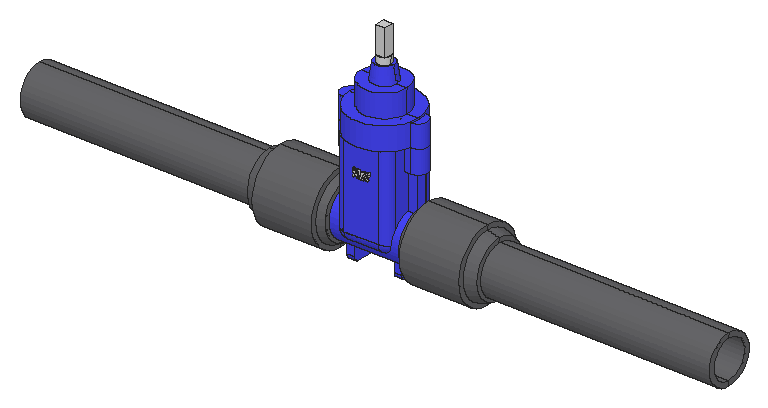
Revit family "36-8X-116 DN25-50", category Pipe Accessories, Revit 2022
Family settings
  Round Connector Dimension = Use Diameter
  Part Type = Valve - Breaks Into
  Work Plane-Based = No
  Always vertical = Yes
  Cut with Voids When Loaded = No
  Shared = No
Parameters (values of type "DN050_PN16")
  bonnet_W = size_lookup(Search_table, "bonnet_W", 0 mm, DN)  # 90 mm
  bonnet_L = size_lookup(Search_table, "bonnet_L", 0 mm, DN)  # 125 mm
  W = bonnet_W / 2  # 45 mm
  URL_product_pages = "https://www.avkvalves.com/P.aspx?no=360328016306499"
  Thickness = Body_T * 0.35  # 10.5 mm
  Search_table = "36-8X-116 DN25-50"
  Rib_L = Body_L1 * 0.75  # 35.888 mm
  L3 = L1 * 1.05  # 315 mm
  L2 = L1 * 0.08  # 24 mm
  L1 = size_lookup(Search_table, "L1", 0 mm, DN)  # 300 mm
  L = size_lookup(Search_table, "L", 0 mm, DN) / 2  # 450 mm
  H3-H = H3 - H  # 47 mm
  F6 = Body_L * 1.01  # 43.935 mm
  F5 = F4 * 1.9  # 29.925 mm
  F4 = F3 * 1.25  # 15.75 mm
  F3 = F1 * 1.4  # 12.6 mm
  F22 = F2 * 0.23  # 8.05 mm
  F2 = size_lookup(Search_table, "F2", 0 mm, DN)  # 35 mm
  F11 = F1 * 1.2  # 10.8 mm
  F1 = size_lookup(Search_table, "F1", 0 mm, DN) / 2  # 9 mm
  F = size_lookup(Search_table, "F", 0 mm, DN) / 2  # 6 mm
  Description_ = "AVK SERVICE CONNECTION VALVE, DI, PN16"
  Default Elevation = 0 mm
  DN025_PN16 = "36-032-80-16306499"
  DN050_PN16 = "36-063-80-163"
  DN040_PN16 = "36-050-80-163"
  DN032_PN16 = "36-040-80-16306499\r\n 36-040-80-16306499\r\n  36-040-80-16306499"
  DN = 50 mm
  H3 = size_lookup(Search_table, "H3", 0 mm, DN)  # 281 mm
  D2 = D * 1.3  # 40.95 mm
  D1 = D * 1.15  # 36.225 mm
  D = size_lookup(Search_table, "D", 0 mm, DN) / 2  # 31.5 mm
  H = size_lookup(Search_table, "H", 0 mm, DN)  # 234 mm
  Connection_D = size_lookup(Search_table, "Connection_D", 0 mm, DN) / 2  # 32.5 mm
  CD_L = size_lookup(Search_table, "CD_L", 0 mm, DN)  # 55 mm
  CD_H = D * 1.75  # 55.125 mm
  Bore = DN / 2  # 25 mm
  Bonnet_R = size_lookup(Search_table, "Bonnet_R", 0 mm, DN)  # 12.5 mm
  Body_rib1 = Body_L * 1.1  # 47.85 mm
  Body_W = size_lookup(Search_table, "Body_W", 0 mm, DN) / 2  # 37.5 mm
  Body_T = size_lookup(Search_table, "Body_T", 0 mm, DN)  # 30 mm
  Body_Rib_L = D / 2  # 15.75 mm
  Body_L2 = Body_L1 * 1.2  # 57.42 mm
  Body_L1 = Body_L * 1.1  # 47.85 mm
  Body_L = size_lookup(Search_table, "Body_L", 0 mm, DN) / 2  # 43.5 mm
  Body_H = size_lookup(Search_table, "Body_H", 0 mm, DN) * 1.1  # 110 mm
  Body_L3 = Body_L * 0.8  # 34.8 mm
  7.5 = 7.5 mm  # constant formula
  6 = 6 mm  # constant formula
  15 = 15 mm  # constant formula
  10 = 10 mm  # constant formula
  1 = 1 mm  # constant formula
  0 = 0 mm  # constant formula
Types (5, lengths in mm): name | bonnet_W | bonnet_L | W | Thickness | Rib_L | L | H3-H | F6 | DN | H3 | D2 | D1 | D | H | Connection_D | CD_L | CD_H | Bore | Body_rib1 | Body_W | Body_T | Body_Rib_L | Body_L2 | Body_L1 | Body_L | Body_H | Body_L3
  (no name) | 90 | 125 | 45 | 10.5 | 35.888 | 450 | 47 | 43.935 | 50 | 281 | 40.95 | 36.225 | 31.5 | 234 | 32.5 | 55 | 55.125 | 25 | 47.85 | 37.5 | 30 | 15.75 | 57.42 | 47.85 | 43.5 | 110 | 34.8
  DN025_PN16 | 71 | 102 | 35.5 | 7 | 25.163 | 400 | 27 | 30.805 | 25 | 190 | 20.8 | 18.4 | 16 | 163 | 22.25 | 38 | 28 | 12.5 | 33.55 | 25.5 | 20 | 8 | 40.26 | 33.55 | 30.5 | 56.1 | 24.4
  DN032_PN16 | 71 | 102 | 35.5 | 7 | 25.163 | 425 | 33 | 30.805 | 32 | 209 | 26 | 23 | 20 | 176 | 28.5 | 38 | 35 | 16 | 33.55 | 25.5 | 20 | 10 | 40.26 | 33.55 | 30.5 | 69.3 | 24.4
  DN040_PN16 | 90 | 125 | 45 | 10.15 | 35.888 | 425 | 36 | 43.935 | 40 | 260 | 32.5 | 28.75 | 25 | 224 | 30 | 45 | 43.75 | 20 | 47.85 | 37.5 | 29 | 12.5 | 57.42 | 47.85 | 43.5 | 99 | 34.8
  DN050_PN16 | 90 | 125 | 45 | 10.5 | 35.888 | 450 | 47 | 43.935 | 50 | 281 | 40.95 | 36.225 | 31.5 | 234 | 32.5 | 55 | 55.125 | 25 | 47.85 | 37.5 | 30 | 15.75 | 57.42 | 47.85 | 43.5 | 110 | 34.8
Reference planes
  plane 1 "Center (Front/Back)": y = 0
  plane 2: z = 0
  plane 3 "Center (Left/Right)": x = 0
  plane 4: z = 25
  plane 5: z = -25
  plane 6: x = -450
  plane 7: x = 450
  plane 8: y = -31.5
  plane 9: y = 31.5
  plane 10: z = 31.5
  plane 11: z = -31.5
  plane 12: x = -150
  plane 13: x = 150
  plane 14: z = -47
  plane 15: x = -35.887
  plane 16: x = 35.888
  plane 17: z = 110
  plane 18: z = 140
  plane 19: z = 234
  plane 20: x = -6
  plane 21: x = 6
  plane 22: x = -9
  plane 23: x = 9
  plane 24: z = 199
  plane 25: y = 45
  plane 26: y = -45
  plane 27: z = 190.95
Forms (mm)
  Revolve 1, solid, material "Aluminum 1100-O"
    sketch origin (0, 0, 0) x (1, 0, 0) y (0, 0, 1)
      loop
        line (-450, 31.5) -> (-450, 25) -> (-150, 25) -> (-150, 31.5) -> (-450, 31.5)
      loop
        line (450, 31.5) -> (150, 31.5) -> (150, 25) -> (450, 25) -> (450, 31.5)
      axis (-450, 0) -> (450, 0)
    angle from 0 to 360
  Revolve 2, solid
    sketch origin (0, 0, 0) x (1, 0, 0) y (0, 0, 1)
      loop
        line (-150, 25) -> (-126, 25) -> (-126, 36.225) -> (-150, 31.5) -> (-150, 25)
      loop
        line (150, 25) -> (150, 31.5) -> (126, 36.225) -> (126, 25) -> (150, 25)
      axis (150, 0) -> (-150, 0)
    angle from 0 to 360
  Revolve 3, solid, material "Aluminum 1100-O"
    sketch origin (0, 0, 0) x (1, 0, 0) y (0, 0, 1)
      loop
        line (-150, 25) -> (-47.85, 25) -> (-47.85, 36.225) -> (-57.42, 40.95) -> (-57.42, 47) -> (-135, 47) -> (-135, 40.95) -> (-150, 36.225) -> (-150, 25)
      loop
        line (150, 25) -> (150, 36.225) -> (135, 40.95) -> (135, 47) -> (57.42, 47) -> (57.42, 40.95) -> (47.85, 36.225) -> (47.85, 25) -> (150, 25)
      axis (-150, 0) -> (150, 0)
    angle from 0 to 360
  Revolve 4, solid, material "Laminate, Blue, Matte"
    sketch origin (0, 0, 0) x (1, 0, 0) y (0, 0, 1)
      loop
        line (-88.35, 31.5) -> (-88.35, 25) -> (88.35, 25) -> (88.35, 31.5) -> (-88.35, 31.5)
      axis (-88.35, 0) -> (88.35, 0)
    angle from 0 to 360
  Extrusion 5, solid, material "Laminate, Blue, Matte"
    sketch origin (-35.887, -1524, 129.627) x (0, 0, 1) y (0, -1, 0)
      loop
        line (-129.627, -1508.25) -> (-170.627, -1508.25)
        arc (-170.627, -1508.25) -> (-174.869, -1510.007) -> (-176.627, -1514.25) r 6
        line (-176.627, -1514.25) -> (-176.627, -1533.75)
        arc (-176.627, -1533.75) -> (-174.869, -1537.993) -> (-170.627, -1539.75) r 6
        line (-170.627, -1539.75) -> (-129.627, -1539.75) -> (-129.627, -1508.25)
    from 0 to 10
  Extrusion 6, solid, material "Laminate, Blue, Matte"
    sketch origin (0, 0, 0) x (0, 1, 0) y (0, 0, 1)
      loop
        line (15.75, 0) -> (-15.75, 0) -> (-15.75, -41)
        arc (-15.75, -41) -> (-13.993, -45.243) -> (-9.75, -47) r 6
        line (-9.75, -47) -> (9.75, -47)
        arc (9.75, -47) -> (13.993, -45.243) -> (15.75, -41) r 6
        line (15.75, -41) -> (15.75, 0)
    from 25.888 to 35.888
  Extrusion 7, solid, material "Laminate, Blue, Matte"
    sketch origin (0, 0, 0) x (1, 0, 0) y (0, 1, 0)
      loop
        arc (-22.3, 37.5) -> (-31.139, 33.839) -> (-34.8, 25) r 12.5
        line (-34.8, 25) -> (-34.8, -25)
        arc (-34.8, -25) -> (-31.139, -33.839) -> (-22.3, -37.5) r 12.5
        line (-22.3, -37.5) -> (22.3, -37.5)
        arc (22.3, -37.5) -> (31.139, -33.839) -> (34.8, -25) r 12.5
        line (34.8, -25) -> (34.8, 25)
        arc (34.8, 25) -> (31.139, 33.839) -> (22.3, 37.5) r 12.5
        line (22.3, 37.5) -> (-22.3, 37.5)
    from 0 to 110
  Revolve 8, solid, material "Laminate, Blue, Matte"
    sketch origin (0, 0, 0) x (1, 0, 0) y (0, 0, 1)
      loop
        line (0, 110) -> (45, 110) -> (45, 140) -> (29.925, 140) -> (29.925, 170) -> (15.75, 170) -> (12.6, 190.95) -> (0, 190.95) -> (0, 110)
      axis (0, 190.95) -> (0, 110)
    angle from 0 to 360
  Revolve 9, solid, material "Laminate, Blue, Matte"
    sketch origin (0, 0, 0) x (1, 0, 0) y (0, 1, 0)
      loop
        line (22.3, 37.5) -> (-22.3, 37.5)
        arc (-22.3, 37.5) -> (-31.139, 33.839) -> (-34.8, 25) r 12.5
        line (-34.8, 25) -> (34.8, 25)
        arc (34.8, 25) -> (31.139, 33.839) -> (22.3, 37.5) r 12.5
      axis (-34.8, 25) -> (34.8, 25)
    angle from 0 to 360
  Extrusion 10, solid, material "Laminate, Blue, Matte"
    sketch origin (0, 0, 0) x (1, 0, 0) y (0, 0, 1)
      loop
        line (-47.85, 80) -> (-47.85, 25) -> (47.85, 25) -> (47.85, 80) -> (-47.85, 80)
    from -6 to 6
  Revolve 11, solid, material "Laminate, Blue, Matte"
    sketch origin (0, 0, 0) x (1, 0, 0) y (0, 1, 0)
      loop
        line (-22.3, -37.5) -> (22.3, -37.5)
        arc (22.3, -37.5) -> (31.139, -33.839) -> (34.8, -25) r 12.5
        line (34.8, -25) -> (-34.8, -25)
        arc (-34.8, -25) -> (-31.139, -33.839) -> (-22.3, -37.5) r 12.5
      axis (-34.8, -25) -> (34.8, -25)
    angle from 0 to 360
  Extrusion 12, solid, material "Laminate, Blue, Matte"
    sketch origin (-665.138, -1524, 110) x (-1, 0, 0) y (0, -1, 0)
      loop
        arc (-621.203, -1536.5) -> (-608.703, -1524) -> (-621.203, -1511.5) r 12.5
        line (-621.203, -1511.5) -> (-709.073, -1511.5)
        arc (-709.073, -1511.5) -> (-721.573, -1524) -> (-709.073, -1536.5) r 12.5
        line (-709.073, -1536.5) -> (-621.203, -1536.5)
    from 0 to -30
  Extrusion 13, solid, material "Laminate, Blue, Matte"
    sketch origin (-665.138, -1524, 110) x (-1, 0, 0) y (0, -1, 0)
      loop
        arc (-621.203, -1536.5) -> (-608.703, -1524) -> (-621.203, -1511.5) r 12.5
        line (-621.203, -1511.5) -> (-709.073, -1511.5)
        arc (-709.073, -1511.5) -> (-721.573, -1524) -> (-709.073, -1536.5) r 12.5
        line (-709.073, -1536.5) -> (-621.203, -1536.5)
    from 0 to 29
  Extrusion 14, solid
    sketch origin (0, 0, 0) x (0, 1, 0) y (0, 0, 1)
      loop
        circle (0, 0) r 25
    from -34.8 to 34.8
  Extrusion 15, solid, material "Stainless Steel AISI 304"
    sketch origin (-217.436, -1524, 199) x (-1, 0, 0) y (0, -1, 0)
      loop
        circle (-217.436, -1524) r 9
    from -8.05 to 0
  Extrusion 16, solid, material "Stainless Steel AISI 304"
    sketch origin (-217.436, -1524, 199) x (-1, 0, 0) y (0, -1, 0)
      loop
        line (-211.436, -1530) -> (-211.436, -1518) -> (-223.436, -1518) -> (-223.436, -1530) -> (-211.436, -1530)
    from 0 to 35
  Extrusion 17, solid, material "Aluminum 1100-O"
    sketch origin (0, 0, 0) x (0, 1, 0) y (0, 0, 1)
      loop
        circle (0, 0) r 25
    from -47.85 to 47.85
Dimensions and locks
  equal spacing: plane 4, level, plane 5
  "Bore": plane 4 to level
  equal spacing: plane 7, plane 3 "Center (Left/Right)", plane 6
  "L": plane 3 "Center (Left/Right)" to plane 6
  equal spacing: plane 9, plane 1 "Center (Front/Back)", plane 8
  "D": plane 9 to plane 1 "Center (Front/Back)"
  equal spacing: plane 10, level, plane 11
  "D": plane 10 to level
  equal spacing: Revolve 1 sketch curve, plane 3 "Center (Left/Right)", Revolve 1 sketch curve
  equal spacing: plane 13, plane 3 "Center (Left/Right)", plane 12
  equal spacing: Revolve 2 sketch curve, plane 3 "Center (Left/Right)", Revolve 2 sketch curve
  "D1": Revolve 2 sketch curve to level  (x2)
  "L2": Revolve 2 sketch curve to plane 12
  equal spacing: Revolve 3 sketch curve, plane 3 "Center (Left/Right)", Revolve 3 sketch curve  (x3)
  "D2": Revolve 3 sketch curve to level  (x4)
  "D1": Revolve 3 sketch curve to level  (x4)
  "H3-H": Revolve 3 sketch curve to level
  plane 3 "Center (Left/Right)" to Revolve 4 sketch curve = 88.35 mm
  equal spacing: Revolve 4 sketch curve, plane 3 "Center (Left/Right)", Revolve 4 sketch curve
  "Body_L1": plane 3 "Center (Left/Right)" to Revolve 3 sketch curve
  "L1": Revolve 3 sketch curve to plane 6
  "L1": plane 7 to Revolve 3 sketch curve
  "L1": plane 12 to plane 6
  "L3": Revolve 3 sketch curve to plane 6
  "Body_L2": plane 3 "Center (Left/Right)" to Revolve 3 sketch curve
  "H3-H": level to plane 14
  equal spacing: plane 16, plane 3 "Center (Left/Right)", plane 15
  "Rib_L": plane 16 to plane 3 "Center (Left/Right)"
  equal spacing: Extrusion 5 sketch curve, plane 1 "Center (Front/Back)", Extrusion 5 sketch curve
  "Body_Rib_L": Extrusion 5 sketch curve to plane 1 "Center (Front/Back)"
  "H3-H": level to Extrusion 5 sketch curve
  "10": Extrusion 5 to plane 15
  equal spacing: Extrusion 6 sketch curve, plane 1 "Center (Front/Back)", Extrusion 6 sketch curve
  "Body_Rib_L": plane 1 "Center (Front/Back)" to Extrusion 6 sketch curve
  equal spacing: Extrusion 6, plane 3 "Center (Left/Right)", Extrusion 5
  equal spacing: Extrusion 7 sketch curve, plane 3 "Center (Left/Right)", Extrusion 7 sketch curve
  equal spacing: Extrusion 7 sketch curve, plane 1 "Center (Front/Back)", Extrusion 7 sketch curve
  "Body_L3": Extrusion 7 sketch curve to plane 3 "Center (Left/Right)"
  "Body_W": plane 1 "Center (Front/Back)" to Extrusion 7 sketch curve
  "Body_H": plane 17 to level
  "Body_T": plane 18 to plane 17
  equal spacing: plane 21, plane 3 "Center (Left/Right)", plane 20
  "F": plane 3 "Center (Left/Right)" to plane 20
  equal spacing: plane 23, plane 3 "Center (Left/Right)", plane 22
  "F1": plane 3 "Center (Left/Right)" to plane 22
  "H": plane 19 to level
  "F4": Revolve 8 sketch curve to plane 3 "Center (Left/Right)"
  "W": Revolve 8 sketch curve to plane 3 "Center (Left/Right)"
  "Body_T": Revolve 8 sketch curve to plane 18
  "F5": Revolve 8 sketch curve to plane 3 "Center (Left/Right)"
  "Body_T": plane 17 to Extrusion 10 sketch curve
  equal spacing: Extrusion 10 sketch curve, plane 3 "Center (Left/Right)", Extrusion 10 sketch curve
  "Body_rib1": plane 3 "Center (Left/Right)" to Extrusion 10 sketch curve
  equal spacing: Extrusion 10, plane 1 "Center (Front/Back)", Extrusion 10
  "6": Extrusion 10 to plane 1 "Center (Front/Back)"
  "Body_T": plane 17 to Extrusion 12
  equal spacing: Extrusion 12 sketch curve, plane 1 "Center (Front/Back)", Extrusion 12 sketch curve
  "F6": plane 3 "Center (Left/Right)" to Extrusion 12 sketch curve
  equal spacing: Extrusion 12 sketch curve, plane 3 "Center (Left/Right)", Extrusion 12 sketch curve
  equal spacing: Extrusion 13 sketch curve, plane 3 "Center (Left/Right)", Extrusion 13 sketch curve
  equal spacing: Extrusion 13 sketch curve, plane 1 "Center (Front/Back)", Extrusion 13 sketch curve
  "F6": Extrusion 13 sketch curve to plane 3 "Center (Left/Right)"
  "1": plane 18 to Extrusion 13
  "Body_T": plane 17 to nested 1
  equal spacing: Extrusion 14 sketch curve, level, Extrusion 14 sketch curve
  equal spacing: Extrusion 14 sketch curve, plane 1 "Center (Front/Back)", Extrusion 14 sketch curve
  equal spacing: Extrusion 14, plane 3 "Center (Left/Right)", Extrusion 14
  "Body_L3": plane 3 "Center (Left/Right)" to Extrusion 14
  plane 7 to plane 6 = 900 mm
  plane 10 to plane 11 = 63 mm  (x2)
  plane 19 to level = 234 mm
  plane 19 to plane 14 = 281 mm
  plane 23 to plane 22 = 18 mm
  plane 21 to plane 20 = 12 mm
  equal spacing: plane 25, plane 1 "Center (Front/Back)", plane 26
  "bonnet_W": plane 25 to plane 26
  plane 25 to plane 26 = 90 mm
  "F22": plane 27 to plane 24
  "F2": plane 24 to plane 19
  "F3": Revolve 8 sketch curve to plane 3 "Center (Left/Right)"
  equal spacing: Extrusion 15 sketch curve, plane 3 "Center (Left/Right)", Extrusion 15 sketch curve
  equal spacing: Extrusion 15 sketch curve, plane 1 "Center (Front/Back)", Extrusion 15 sketch curve
  equal spacing: Extrusion 16 sketch curve, plane 3 "Center (Left/Right)", Extrusion 16 sketch curve
  equal spacing: Extrusion 16 sketch curve, plane 1 "Center (Front/Back)", Extrusion 16 sketch curve
  "F": Extrusion 16 sketch curve to plane 3 "Center (Left/Right)"
  "F": plane 1 "Center (Front/Back)" to Extrusion 16 sketch curve
  equal spacing: Extrusion 17, plane 3 "Center (Left/Right)", Extrusion 17
  "6": radius of Extrusion 5 sketch curve  (x2)
  "6": radius of Extrusion 6 sketch curve  (x2)
  "Bonnet_R": radius of Extrusion 7 sketch curve  (x4)
  "Bonnet_R": radius of Extrusion 12 sketch curve  (x2)
  "Bonnet_R": radius of Extrusion 13 sketch curve
  "Bore": radius of Extrusion 14 sketch curve
  "F1": radius of Extrusion 15 sketch curve
  aligned and locked: level to plane 2
  aligned and locked: plane 6 to Revolve 1 sketch curve
  aligned and locked: plane 4 to Revolve 1 sketch curve
  aligned and locked: Revolve 1 sketch curve to plane 10
  aligned and locked: Revolve 1 sketch curve to plane 4
  aligned and locked: plane 7 to Revolve 1 sketch curve
  aligned and locked: plane 10 to Revolve 1 sketch curve
  aligned and locked: Revolve 1 sketch curve to level
  aligned and locked: Revolve 1 to plane 12
  aligned and locked: plane 12 to Revolve 2 sketch curve
  aligned and locked: plane 4 to Revolve 2 sketch curve
  aligned and locked: Revolve 2 sketch curve to plane 4
  aligned and locked: plane 13 to Revolve 2 sketch curve
  aligned and locked: Revolve 2 sketch curve to level
  aligned and locked: Revolve 3 sketch curve to Revolve 3 sketch curve
  aligned and locked: Revolve 3 sketch curve to level
  aligned and locked: plane 4 to Revolve 4 sketch curve
  aligned and locked: Revolve 4 sketch curve to plane 10
  aligned and locked: Revolve 4 sketch curve to level
  aligned and locked: Extrusion 5 to plane 15
  aligned and locked: Extrusion 5 sketch curve to level
  aligned and locked: plane 14 to Extrusion 6 sketch curve
  aligned and locked: Extrusion 6 sketch curve to level
  aligned and locked: plane 16 to Extrusion 6
  aligned and locked: Extrusion 7 to level
  aligned and locked: plane 17 to Extrusion 7
  aligned and locked: Revolve 8 sketch curve to plane 3 "Center (Left/Right)"
  aligned and locked: Revolve 9 sketch curve to Extrusion 7  (x2)
  aligned and locked: Revolve 9 sketch curve to Revolve 9 sketch curve
  aligned and locked: plane 4 to Extrusion 10 sketch curve
  aligned and locked: Revolve 11 sketch curve to Extrusion 7  (x2)
  aligned and locked: Revolve 11 sketch curve to Revolve 11 sketch curve
  aligned and locked: plane 17 to Extrusion 12
  aligned and locked: Extrusion 13 to plane 17
  aligned and locked: plane 3 "Center (Left/Right)" to nested 1
  aligned and locked: Revolve 8 sketch curve to plane 27
  aligned and locked: Extrusion 15 to Revolve 8
  aligned and locked: plane 24 to Extrusion 15
  aligned and locked: Extrusion 16 to plane 24
  aligned and locked: plane 19 to Extrusion 16
  aligned and locked: Extrusion 17 sketch curve to Revolve 1
  aligned and locked: Revolve 3 to Extrusion 17
Automatic sketch dimensions
  Revolve 1 sketch curve to plane 12 = 0 mm
  plane 12 to Revolve 1 sketch curve = 40.128 mm
  Revolve 1 sketch curve to plane 15 = 4.709 mm
  plane 12 to Revolve 4 sketch curve = 5.283 mm
  Revolve 4 sketch curve to Revolve 4 sketch curve = 23.633 mm
  Revolve 9 sketch curve to Revolve 9 sketch curve = 2.192 mm
  Revolve 9 sketch curve to Revolve 9 sketch curve = 1.963 mm
  Revolve 11 sketch curve to Revolve 11 sketch curve = 4.921 mm
  Revolve 11 sketch curve to Revolve 11 sketch curve = 0.136 mm
  Extrusion 17 sketch curve to plane 1 "Center (Front/Back)" = 0 mm  (x2)
  Revolve 2 sketch curve to plane 10 = 0 mm  (x2)
  Revolve 2 sketch curve to plane 15 = 2.917 mm
  plane 20 to Revolve 2 sketch curve = 2.195 mm
  Revolve 3 sketch curve to plane 4 = 0 mm  (x2)
  plane 12 to Revolve 3 sketch curve = 13.923 mm
  Revolve 3 sketch curve to plane 15 = 5.463 mm
  Revolve 8 sketch curve to plane 3 "Center (Left/Right)" = 0 mm
  Revolve 8 sketch curve to plane 17 = 0 mm
  Revolve 8 sketch curve to plane 18 = 0 mm
  Revolve 8 sketch curve to plane 27 = 16.293 mm
  plane 24 to Revolve 8 sketch curve = 1.841 mm
Nested families
  nested 1: "Avk logo smaller one" at (0, -37.5, 75) x (1, 0, 0) z (0, -1, 0), type "Avk logo smaller one"
Connectors
  piping at (-450, 0, 0), diameter 50, driven by "DN"
    settings: on Revolve 1, index 2, connector inside diameter 609.6 mm, connector length 0 mm, flow factor 0, pipe flow 0.0 L/s, pressure drop 0.0 Pa, fitting loss kfactor 0, connector angle 0.00°, fixture units 0, engagement length 0 mm, angle of deflection 0.00°, flow configuration 0, flow direction 0, fitting loss method 0, system type 7, joint type 0, gender type 0, connector reference index -1, connector utility 0, adjustable connector no, is connector primary yes, connector description ""
  piping at (450, 0, 0), diameter 50, driven by "DN"
    settings: on Revolve 1, index 3, connector inside diameter 609.6 mm, connector length 0 mm, flow factor 0, pipe flow 0.0 L/s, pressure drop 0.0 Pa, fitting loss kfactor 0, connector angle 0.00°, fixture units 0, engagement length 0 mm, angle of deflection 0.00°, flow configuration 0, flow direction 0, fitting loss method 0, system type 7, joint type 0, gender type 0, connector reference index -1, connector utility 0, adjustable connector no, is connector primary no, connector description ""
Definition of nested family "Avk logo smaller one"
  Parameters (values of type "Avk logo smaller one")
    Default Elevation = 10 mm  # constant formula
    5 = 5 mm  # constant formula
    10 = 10 mm  # constant formula
    1 = 1 mm  # constant formula
  Reference planes
    plane 1 "Center (Front/Back)": y = 0
    plane 2: z = 0
    plane 3 "Center (Left/Right)": x = 0
    plane 4: z = -5
    plane 5: y = 5
    plane 6: x = 10
    plane 7: x = -10
    plane 8: y = -5
  Forms (mm)
    Extrusion 1, solid
      sketch origin (0, 0, 0) x (1, 0, 0) y (0, 1, 0)
        loop
          line (-26.697, 30) -> (-26.697, -20.859) -> (26.519, -20.859) -> (26.519, 30) -> (-26.697, 30)
      from 0 to -13.628
    Extrusion 2, solid
      sketch origin (0.726, 0, 0) x (1, 0, 0) y (0, 1, 0)
        loop
          line (-10.726, 5) -> (-10.726, 3.049) -> (-4.87, 3.049) -> (-1.624, -5) -> (0.402, -5) -> (3.491, 3.049) -> (9.911, 3.049) -> (9.911, 5) -> (1.941, 5) -> (-0.627, -1.891) -> (-3.272, 5) -> (-10.726, 5)
        loop
          line (-10.726, 2.311) -> (-10.726, 0.229) -> (-8.927, 0.229) -> (-10.658, -5) -> (-8.613, -5) -> (-8.045, -3.593) -> (-5.189, -3.593) -> (-4.46, -5) -> (-2.401, -5) -> (-5.284, 2.311) -> (-10.726, 2.311)
        loop
          line (-7.637, -1.797) -> (-5.952, -1.797) -> (-6.807, 0.432) -> (-7.637, -1.797)
        loop
          line (1.381, -5) -> (3.416, -5) -> (4.458, -2.017) -> (6.333, -5) -> (8.907, -5) -> (6.715, -1.581)
          arc (6.715, -1.581) -> (8.018, -0.944) -> (8.873, 0.229) r 3.014
          line (8.873, 0.229) -> (9.911, 0.229) -> (9.911, 2.311) -> (7.594, 2.311)
          arc (7.594, 2.311) -> (6.805, 0.579) -> (5.137, -0.337) r 3.018
          line (5.137, -0.337) -> (6.207, 2.311) -> (4.172, 2.311) -> (1.381, -5)
      from 0 to 2
  Dimensions and locks
    "5": level to plane 4
    equal spacing: plane 8, plane 1 "Center (Front/Back)", plane 5
    equal spacing: plane 7, plane 3 "Center (Left/Right)", plane 6
    "5": plane 1 "Center (Front/Back)" to plane 5
    "10": plane 7 to plane 3 "Center (Left/Right)"
    aligned and locked: plane 2 to Extrusion 1
    aligned and locked: level to Extrusion 1
    aligned and locked: Extrusion 2 sketch curve to Extrusion 2 sketch curve  (x10)
    aligned and locked: Extrusion 2 to plane 8
    aligned and locked: plane 5 to Extrusion 2
    aligned and locked: Extrusion 2 to plane 7
  Automatic sketch dimensions
    Extrusion 1 sketch curve to Extrusion 1 sketch curve = 53.215 mm
    Extrusion 1 sketch curve to Extrusion 1 sketch curve = 50.859 mm
    Extrusion 2 sketch curve to plane 5 = 0 mm
    Extrusion 2 sketch curve to plane 7 = 0 mm
    Extrusion 2 sketch curve to plane 8 = 0 mm
    plane 7 to Extrusion 2 sketch curve = 0.068 mm
    Extrusion 2 sketch curve to plane 1 "Center (Front/Back)" = 0.229 mm  (x2)
    plane 7 to Extrusion 2 sketch curve = 1.798 mm
    Extrusion 2 sketch curve to Extrusion 2 sketch curve = 2.044 mm
    Extrusion 2 sketch curve to Extrusion 2 sketch curve = 0.569 mm
    Extrusion 2 sketch curve to Extrusion 2 sketch curve = 0.407 mm
    Extrusion 2 sketch curve to plane 1 "Center (Front/Back)" = 0.432 mm
    Extrusion 2 sketch curve to Extrusion 2 sketch curve = 2.12 mm
    plane 1 "Center (Front/Back)" to Extrusion 2 sketch curve = 1.797 mm
    Extrusion 2 sketch curve to Extrusion 2 sketch curve = 1.686 mm
    Extrusion 2 sketch curve to Extrusion 2 sketch curve = 1.523 mm
    plane 8 to Extrusion 2 sketch curve = 1.407 mm
    Extrusion 2 sketch curve to Extrusion 2 sketch curve = 0.762 mm
    Extrusion 2 sketch curve to plane 5 = 1.951 mm
    Extrusion 2 sketch curve to Extrusion 2 sketch curve = 0.414 mm
    Extrusion 2 sketch curve to Extrusion 2 sketch curve = 0.73 mm
    Extrusion 2 sketch curve to Extrusion 2 sketch curve = 1.599 mm
    Extrusion 2 sketch curve to plane 3 "Center (Left/Right)" = 1.676 mm
    Extrusion 2 sketch curve to Extrusion 2 sketch curve = 0.777 mm
    plane 3 "Center (Left/Right)" to Extrusion 2 sketch curve = 0.099 mm
    plane 3 "Center (Left/Right)" to Extrusion 2 sketch curve = 1.127 mm
    Extrusion 2 sketch curve to Extrusion 2 sketch curve = 0.979 mm
    plane 3 "Center (Left/Right)" to Extrusion 2 sketch curve = 2.666 mm
    Extrusion 2 sketch curve to Extrusion 2 sketch curve = 2.035 mm
    Extrusion 2 sketch curve to Extrusion 2 sketch curve = 1.551 mm
    Extrusion 2 sketch curve to plane 1 "Center (Front/Back)" = 2.311 mm
    Extrusion 2 sketch curve to Extrusion 2 sketch curve = 0.681 mm
    plane 1 "Center (Front/Back)" to Extrusion 2 sketch curve = 2.017 mm
    Extrusion 2 sketch curve to Extrusion 2 sketch curve = 1.043 mm
    Extrusion 2 sketch curve to Extrusion 2 sketch curve = 0.42 mm
    plane 1 "Center (Front/Back)" to Extrusion 2 sketch curve = 0.337 mm
    Extrusion 2 sketch curve to Extrusion 2 sketch curve = 0.679 mm
    Extrusion 2 sketch curve to Extrusion 2 sketch curve = 0.944 mm
    Extrusion 2 sketch curve to Extrusion 2 sketch curve = 0.126 mm
    Extrusion 2 sketch curve to Extrusion 2 sketch curve = 2.917 mm
    plane 1 "Center (Front/Back)" to Extrusion 2 sketch curve = 1.581 mm
    Extrusion 2 sketch curve to Extrusion 2 sketch curve = 1.578 mm
    Extrusion 2 sketch curve to Extrusion 2 sketch curve = 1.386 mm
    Extrusion 2 sketch curve to plane 6 = 0.402 mm
    Extrusion 2 sketch curve to plane 6 = 0.368 mm
    plane 6 to Extrusion 2 sketch curve = 0.637 mm
    plane 1 "Center (Front/Back)" to Extrusion 2 sketch curve = 1.891 mm
